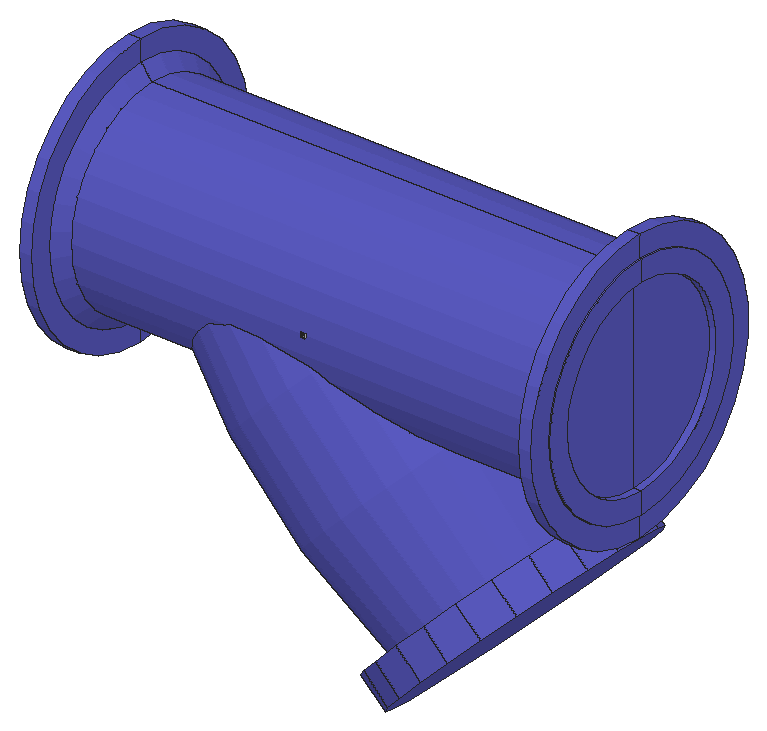
Revit family "HERZ Strainer 4111", category Rohrzubehör, Revit 2018
Family settings
  Bemaßung runder Anschluss = Durchmesser verwenden
  Teiletyp = Unterbricht
  OmniClass-Nummer = 23.65.55.14
  OmniClass-Titel = Valves for Liquid Services
  Arbeitsebenenbasiert = Nein
  Immer vertikal = Ja
  Beim Laden mit Abzugskörper schneiden = Nein
  Gemeinsam genutzt = Nein
Parameters
  Weight [instance] = size_lookup("4111_F_", "Gew", 0, Nennweite)  # 505
  Part number [instance] = size_lookup("4111_F_", "Artnr", 0, Nennweite)  # 4411190
  PN = 1600000.0 Pa  # constant formula
  kvs [instance] = if(Nennweite = 50.000 mm, 51, if(Nennweite = 65.000 mm, 70, if(Nennweite = 80.000 mm, 114, if(Nennweite = 100.000 mm, 197, if(Nennweite = 125.000 mm, 271, if(Nennweite = 150.000 mm, 349, if(Nennweite = 200.000 mm, 449, if(Nennweite = 250.000 mm, 994, if(Nennweite = 300.000 mm, 1566, if(Nennweite = 350.000 mm, 2461, 3645))))))))))  # 3645
  Reinforcing frame = "stainless steel"  # constant formula
  W02 = 45.00°  # constant formula
  W01 = 140.00°  # constant formula
  Plug sealing = "copper"  # constant formula
  Plug = "steel St37"  # constant formula
  URL = "www.herzvalves.com"
  Schrauben [instance] = if(Nennweite = 50.000 mm, "4x M16x60", if(Nennweite = 65.000 mm, "4x M16x60", if(Nennweite = 80.000 mm, "8x M16x65", if(Nennweite = 100.000 mm, "8x M16x65", if(Nennweite = 125.000 mm, "8x M16x70", if(Nennweite = 150.000 mm, "8x M20x70", if(Nennweite = 200.000 mm, "12x M20x75", if(Nennweite = 250.000 mm, "12x M24x85", if(Nennweite = 300.000 mm, "12x M24x85", if(Nennweite = 350.000 mm, "16x M24x90", "16x M27x100"))))))))))  # "16x M27x100"
  SCRNSEQ = "AWI;AWI_TYP=\"1011\";2"
  SCRNCODE = "05;15;02"  # constant formula
  S01 [instance] = 2 * FLD01  # 580.000 mm
  R02 [instance] = size_lookup("4111_F_", "R2", 1.000 mm, Nennweite)  # 221.000 mm
  R01 [instance] = size_lookup("4111_F_", "R1", 1.000 mm, Nennweite)  # 250.000 mm
  Nennweite [instance] = 400.000 mm
  Min. operating temperature = -10 °C  # constant formula
  Medium = "Heating water quality according ÖNORM H5195 or VDI-Standard 2035. The use of ethylene or propylene glycol in a mixing ratio 25-50% is allowed."
  Max. operating temperature = 120 °C  # constant formula
  L02 [instance] = size_lookup("4111_F_", "L2", 1.000 mm, Nennweite)  # 301.000 mm
  Hersteller = "HERZ Armaturen Ges.m.b.H."  # constant formula
  L01 [instance] = size_lookup("4111_F_", "L1", 1.000 mm, Nennweite)  # 550.000 mm
  H01 [instance] = size_lookup("4111_F_", "H1", 1.000 mm, Nennweite)  # 479.500 mm
  Filter (DN50-DN80) = "AISI 304, mesh size 600 μm"  # constant formula
  Filter (DN100-DN400) = "AISI 304, mesh size 1500 μm"  # constant formula
  FLL02 [instance] = size_lookup("4111_F_", "FLL2", 1.000 mm, Nennweite)  # 30.000 mm
  FLL01 [instance] = size_lookup("4111_F_", "FLL1", 1.000 mm, Nennweite)  # 4.000 mm
  FLD02 [instance] = size_lookup("4111_F_", "FLD2", 1.000 mm, Nennweite)  # 245.000 mm
  FLD01 [instance] = size_lookup("4111_F_", "FLD1", 1.000 mm, Nennweite)  # 290.000 mm
  Seal = "Klingerit"  # constant formula
  DN80 [instance] = Nennweite = 80.000 mm  # no
  DN65 [instance] = Nennweite = 65.000 mm  # no
  DN50 [instance] = Nennweite = 50.000 mm  # no
  DN400 [instance] = Nennweite = 400.000 mm  # yes
  DN350 [instance] = Nennweite = 350.000 mm  # no
  DN300 [instance] = Nennweite = 300.000 mm  # no
  DN250 [instance] = Nennweite = 250.000 mm  # no
  DN200 [instance] = Nennweite = 200.000 mm  # no
  DN150 [instance] = Nennweite = 150.000 mm  # no
  DN125 [instance] = Nennweite = 125.000 mm  # no
  DN100 [instance] = Nennweite = 100.000 mm  # no
  DN [instance] = Nennweite / 2  # 200.000 mm
  D01 [instance] = size_lookup("4111_F_", "D1", 1.000 mm, Nennweite)  # 216.000 mm
  Body = "GG25"  # constant formula
  Bonnet = "GG25"  # constant formula
  Application = "For hot and cold water systems for fluids excluding acid and flammable fluids."
Reference planes
  plane 1 "Mitte (Vorne/hinten)": y = 0
  plane 2: z = 0
  plane 3 "Mitte (Links/rechts)": x = 0
Forms (mm)
  Revolve 1, solid, material "Herz-Marineblau", detail levels fine
    sketch origin (0, 0, 0) x (1, 0, 0) y (0, 0, 1)
      loop
        line (-546, 245) -> (-550, 245) -> (-550, 200) -> (-533.79, 200) -> (-533.79, 0) -> (533.79, 0) -> (533.79, 200) -> (550, 200) -> (550, 245) -> (546, 245) -> (546, 290) -> (520, 290) -> (520, 234.5) -> (504.477, 216) -> (-495.666, 216) -> (-520, 245) -> (-520, 290) -> (-546, 290) -> (-546, 245)
      axis (-550, 0) -> (550, 0)
    angle from 0 to 360
  Revolve 2, solid, material "Herz-Marineblau", detail levels fine
    sketch origin (0, 0, 0) x (1, 0, 0) y (0, 0, 1)
      loop
        line (-230.5, 0) -> (-371.921, -141.421)
        arc (-371.921, -141.421) -> (-167.867, -415.168) -> (92.729, -635.771) r 1502.314
        line (92.729, -635.771) -> (249, -479.5) -> (-230.5, 0)
      axis (-230.5, 0) -> (249, -479.5)
    angle from 0 to 360
  Extrusion 3, solid, material "Herz-Marineblau", visible <- "DN50", detail levels fine
    sketch origin (12, 0, -74) x (0, 1, 0) y (0.707107, 0, 0.707107)
      loop
        arc (50, 40) -> (47.071, 47.071) -> (40, 50) r 10
        line (40, 50) -> (-40, 50)
        arc (-40, 50) -> (-47.071, 47.071) -> (-50, 40) r 10
        line (-50, 40) -> (-50, -40)
        arc (-50, -40) -> (-47.071, -47.071) -> (-40, -50) r 10
        line (-40, -50) -> (40, -50)
        arc (40, -50) -> (47.071, -47.071) -> (50, -40) r 10
        line (50, -40) -> (50, 40)
    from 30.5 to 0
  Extrusion 4, solid, material "Herz-Marineblau", visible <- "DN65", detail levels fine
    sketch origin (17, 0, -102.5) x (0, 1, 0) y (0.707107, 0, 0.707107)
      loop
        line (-60, 40) -> (-60, -40)
        arc (-60, -40) -> (-54.142, -54.142) -> (-40, -60) r 20
        line (-40, -60) -> (40, -60)
        arc (40, -60) -> (54.142, -54.142) -> (60, -40) r 20
        line (60, -40) -> (60, 40)
        arc (60, 40) -> (54.142, 54.142) -> (40, 60) r 20
        line (40, 60) -> (-40, 60)
        arc (-40, 60) -> (-54.142, 54.142) -> (-60, 40) r 20
    from 33 to 0
  Extrusion 5, solid, material "Herz-Marineblau", visible <- "DN80", detail levels fine
    sketch origin (44, 0, -118) x (0, 1, 0) y (0.707107, 0, 0.707107)
      loop
        line (-67, 47) -> (-67, -47)
        arc (-67, -47) -> (-61.142, -61.142) -> (-47, -67) r 20
        line (-47, -67) -> (47, -67)
        arc (47, -67) -> (61.142, -61.142) -> (67, -47) r 20
        line (67, -47) -> (67, 47)
        arc (67, 47) -> (61.142, 61.142) -> (47, 67) r 20
        line (47, 67) -> (-47, 67)
        arc (-47, 67) -> (-61.142, 61.142) -> (-67, 47) r 20
    from 34 to 0
  Extrusion 6, solid, material "Herz-Marineblau", visible <- "DN100", detail levels fine
    sketch origin (43, -449.258, -142) x (0, 1, 0) y (0.707107, 0, 0.707107)
      loop
        line (544.008, 0) -> (531.314, 47.375) -> (496.633, 82.056) -> (449.258, 94.75) -> (401.883, 82.056) -> (367.203, 47.375) -> (354.508, 0) -> (367.203, -47.375) -> (401.883, -82.056) -> (449.258, -94.75) -> (496.633, -82.056) -> (531.314, -47.375) -> (544.008, 0)
    from 35.5 to 0
  Extrusion 7, solid, material "Herz-Marineblau", visible <- "DN125", detail levels fine
    sketch origin (54, -422.813, -170) x (0, 1, 0) y (0.707107, 0, 0.707107)
      loop
        line (535.313, 0) -> (520.241, 56.25) -> (479.063, 97.428) -> (422.813, 112.5) -> (366.563, 97.428) -> (325.386, 56.25) -> (310.313, 0) -> (325.386, -56.25) -> (366.563, -97.428) -> (422.813, -112.5) -> (479.063, -97.428) -> (520.241, -56.25) -> (535.313, 0)
    from 44.5 to 0
  Extrusion 8, solid, material "Herz-Marineblau", visible <- "DN150", detail levels fine
    sketch origin (61.5, -490.074, -187.5) x (0, 1, 0) y (0.707107, 0, 0.707107)
      loop
        line (621.324, 0) -> (603.739, 65.625) -> (555.699, 113.666) -> (490.074, 131.25) -> (424.449, 113.666) -> (376.408, 65.625) -> (358.824, 0) -> (376.408, -65.625) -> (424.449, -113.666) -> (490.074, -131.25) -> (555.699, -113.666) -> (603.739, -65.625) -> (621.324, 0)
    from 44.7 to 0
  Extrusion 9, solid, material "Herz-Marineblau", visible <- "DN200", detail levels fine
    sketch origin (82, -429.19, -249) x (0, 1, 0) y (0.707107, 0, 0.707107)
      loop
        line (588.19, 0) -> (566.888, 79.5) -> (508.69, 137.698) -> (429.19, 159) -> (349.69, 137.698) -> (291.492, 79.5) -> (270.19, 0) -> (291.492, -79.5) -> (349.69, -137.698) -> (429.19, -159) -> (508.69, -137.698) -> (566.888, -79.5) -> (588.19, 0)
    from 47 to 0
  Extrusion 10, solid, material "Herz-Marineblau", visible <- "DN250", detail levels fine
    sketch origin (109.5, -496.545, -300) x (0, 1, 0) y (0.707107, 0, 0.707107)
      loop
        line (686.545, 0) -> (680.071, 49.176) -> (661.09, 95) -> (630.895, 134.35) -> (591.545, 164.545) -> (545.72, 183.526) -> (496.545, 190) -> (447.369, 183.526) -> (401.545, 164.545) -> (362.194, 134.35) -> (332, 95) -> (313.019, 49.176) -> (306.545, 0) -> (313.019, -49.176) -> (332, -95) -> (362.194, -134.35) -> (401.545, -164.545) -> (447.369, -183.526) -> (496.545, -190) -> (545.72, -183.526) -> (591.545, -164.545) -> (630.895, -134.35) -> (661.09, -95) -> (680.071, -49.176) -> (686.545, 0)
    from 56.5 to 0
  Extrusion 11, solid, material "Herz-Marineblau", visible <- "DN300", detail levels fine
    sketch origin (82, 617.078, -333) x (0, 1, 0) y (0.707107, 0, 0.707107)
      loop
        line (-390.078, 0) -> (-397.813, 58.752) -> (-420.49, 113.5) -> (-456.565, 160.513) -> (-503.578, 196.588) -> (-558.326, 219.265) -> (-617.078, 227) -> (-675.83, 219.265) -> (-730.578, 196.588) -> (-777.591, 160.513) -> (-813.666, 113.5) -> (-836.343, 58.752) -> (-844.078, 0) -> (-836.343, -58.752) -> (-813.666, -113.5) -> (-777.591, -160.513) -> (-730.578, -196.588) -> (-675.83, -219.265) -> (-617.078, -227) -> (-558.326, -219.265) -> (-503.578, -196.588) -> (-456.565, -160.513) -> (-420.49, -113.5) -> (-397.813, -58.752) -> (-390.078, 0)
    from 61 to 0
  Extrusion 12, solid, material "Herz-Marineblau", visible <- "DN350", detail levels fine
    sketch origin (211, 802.601, -476) x (0, 1, 0) y (0.707107, 0, 0.707107)
      loop
        line (-547.601, 0) -> (-556.29, 65.999) -> (-581.764, 127.5) -> (-622.288, 180.312) -> (-675.101, 220.836) -> (-736.602, 246.311) -> (-802.601, 255) -> (-868.6, 246.311) -> (-930.101, 220.836) -> (-982.913, 180.312) -> (-1023.437, 127.5) -> (-1048.912, 65.999) -> (-1057.601, 0) -> (-1048.912, -65.999) -> (-1023.437, -127.5) -> (-982.913, -180.312) -> (-930.101, -220.836) -> (-868.6, -246.311) -> (-802.601, -255) -> (-736.602, -246.311) -> (-675.101, -220.836) -> (-622.288, -180.312) -> (-581.764, -127.5) -> (-556.29, -65.999) -> (-547.601, 0)
    from 73 to 0
  Extrusion 13, solid, material "Herz-Marineblau", visible <- "DN400", detail levels fine
    sketch origin (249, 812.573, -479.5) x (0, 1, 0) y (0.707107, 0, 0.707107)
      loop
        line (-532.573, 0) -> (-542.114, 72.469) -> (-570.086, 140) -> (-614.583, 197.99) -> (-672.573, 242.487) -> (-740.104, 270.459) -> (-812.573, 280) -> (-885.042, 270.459) -> (-952.573, 242.487) -> (-1010.563, 197.99) -> (-1055.06, 140) -> (-1083.032, 72.469) -> (-1092.573, 0) -> (-1083.032, -72.469) -> (-1055.06, -140) -> (-1010.563, -197.99) -> (-952.573, -242.487) -> (-885.042, -270.459) -> (-812.573, -280) -> (-740.104, -270.459) -> (-672.573, -242.487) -> (-614.583, -197.99) -> (-570.086, -140) -> (-542.114, -72.469) -> (-532.573, 0)
    from 74 to 0
Lines and regions (mm)
  model lines, detail levels coarse+medium
    curve 1: line (-550, 0, 290) -> (550, 0, 290)
    curve 2: line (-550, 0, -290) -> (-550, 0, 290)
    curve 3: line (550, 0, -290) -> (-550, 0, -290)
    curve 4: line (550, 0, 290) -> (550, 0, -290)
    curve 5: line (550, 0, -290) -> (-550, 0, 290)
    curve 6: line (-550, 290, 0) -> (550, 290, 0)
    curve 7: line (-550, -290, 0) -> (-550, 290, 0)
    curve 8: line (550, -290, 0) -> (-550, -290, 0)
    curve 9: line (550, 290, 0) -> (550, -290, 0)
    curve 10: line (550, -290, 0) -> (-550, 290, 0)
Dimensions and locks
  "FLD01": Revolve 1 sketch curve to plane 2  (x2)
  "FLD02": Revolve 1 sketch curve to plane 2  (x3)
  "DN": Revolve 1 sketch curve to plane 2  (x2)
  "L01": Revolve 1 sketch curve to plane 3 "Mitte (Links/rechts)"  (x2)
  "FLL01": Revolve 1 sketch curve to Revolve 1 sketch curve  (x2)
  "FLL02": Revolve 1 sketch curve to Revolve 1 sketch curve  (x2)
  "D01": Revolve 1 sketch curve to plane 2  (x2)
  "H01": plane 2 to Revolve 2 sketch curve
  "L02": Revolve 2 sketch curve to Revolve 1
  "R02": Revolve 2 sketch curve to Revolve 2 sketch curve
  "DN": Revolve 2 sketch curve to Revolve 2 sketch curve
  "D01": nested 1 to plane 1 "Mitte (Vorne/hinten)"
  "L01": plane 3 "Mitte (Links/rechts)" to curve 2
  "L01": plane 3 "Mitte (Links/rechts)" to curve 4
  equal spacing: curve 5, plane 2, curve 3
  "S01": curve 1 to curve 3
  equal spacing: curve 8, plane 1 "Mitte (Vorne/hinten)", curve 6
  "S01": curve 8 to curve 6
  "L01": curve 7 to plane 3 "Mitte (Links/rechts)"
  "L01": plane 3 "Mitte (Links/rechts)" to curve 9
  "R01": Revolve 2 sketch curve to Revolve 2 sketch curve
  "W01": angle Revolve 1 sketch curve to Revolve 1 sketch curve  (x2)
  "W02": angle Revolve 2 sketch curve to plane 2
  aligned and locked: level to plane 2
Automatic sketch dimensions
  plane 1 "Mitte (Vorne/hinten)" to Extrusion 3 sketch curve = 50.000 mm
  Extrusion 3 sketch curve to Extrusion 3 sketch curve = 10.000 mm  (x3)
  Extrusion 3 sketch curve to plane 1 "Mitte (Vorne/hinten)" = 40.000 mm  (x2)
  Extrusion 3 sketch curve to Extrusion 3 sketch curve = 80.000 mm
  plane 1 "Mitte (Vorne/hinten)" to Extrusion 4 sketch curve = 60.000 mm
  Extrusion 4 sketch curve to Extrusion 4 sketch curve = 20.000 mm  (x3)
  Extrusion 4 sketch curve to plane 1 "Mitte (Vorne/hinten)" = 40.000 mm  (x2)
  Extrusion 4 sketch curve to Extrusion 4 sketch curve = 80.000 mm
  plane 1 "Mitte (Vorne/hinten)" to Extrusion 5 sketch curve = 67.000 mm
  Extrusion 5 sketch curve to Extrusion 5 sketch curve = 20.000 mm  (x3)
  Extrusion 5 sketch curve to plane 1 "Mitte (Vorne/hinten)" = 47.000 mm  (x2)
  Extrusion 5 sketch curve to Extrusion 5 sketch curve = 94.000 mm
  Extrusion 6 sketch curve to plane 1 "Mitte (Vorne/hinten)" = 0.000 mm  (x2)
  plane 1 "Mitte (Vorne/hinten)" to Extrusion 6 sketch curve = 47.375 mm  (x2)
  Extrusion 6 sketch curve to Extrusion 6 sketch curve = 34.681 mm  (x8)
  Extrusion 6 sketch curve to Extrusion 6 sketch curve = 12.694 mm  (x5)
  Extrusion 6 sketch curve to plane 1 "Mitte (Vorne/hinten)" = 47.375 mm  (x2)
  Extrusion 6 sketch curve to Extrusion 6 sketch curve = 47.375 mm  (x4)
  Extrusion 7 sketch curve to plane 1 "Mitte (Vorne/hinten)" = 0.000 mm  (x2)
  plane 1 "Mitte (Vorne/hinten)" to Extrusion 7 sketch curve = 56.250 mm  (x2)
  Extrusion 7 sketch curve to Extrusion 7 sketch curve = 41.178 mm  (x8)
  Extrusion 7 sketch curve to Extrusion 7 sketch curve = 15.072 mm  (x5)
  Extrusion 7 sketch curve to plane 1 "Mitte (Vorne/hinten)" = 56.250 mm  (x2)
  Extrusion 7 sketch curve to Extrusion 7 sketch curve = 56.250 mm  (x4)
  Extrusion 8 sketch curve to plane 1 "Mitte (Vorne/hinten)" = 0.000 mm  (x2)
  plane 1 "Mitte (Vorne/hinten)" to Extrusion 8 sketch curve = 65.625 mm  (x2)
  Extrusion 8 sketch curve to Extrusion 8 sketch curve = 48.041 mm  (x8)
  Extrusion 8 sketch curve to Extrusion 8 sketch curve = 17.584 mm  (x5)
  Extrusion 8 sketch curve to plane 1 "Mitte (Vorne/hinten)" = 65.625 mm  (x2)
  Extrusion 8 sketch curve to Extrusion 8 sketch curve = 65.625 mm  (x4)
  Extrusion 9 sketch curve to plane 1 "Mitte (Vorne/hinten)" = 0.000 mm  (x2)
  plane 1 "Mitte (Vorne/hinten)" to Extrusion 9 sketch curve = 79.500 mm  (x2)
  Extrusion 9 sketch curve to Extrusion 9 sketch curve = 58.198 mm  (x8)
  Extrusion 9 sketch curve to Extrusion 9 sketch curve = 21.302 mm  (x5)
  Extrusion 9 sketch curve to plane 1 "Mitte (Vorne/hinten)" = 79.500 mm  (x2)
  Extrusion 9 sketch curve to Extrusion 9 sketch curve = 79.500 mm  (x4)
  Extrusion 10 sketch curve to plane 1 "Mitte (Vorne/hinten)" = 0.000 mm  (x2)
  plane 1 "Mitte (Vorne/hinten)" to Extrusion 10 sketch curve = 49.176 mm  (x2)
  Extrusion 10 sketch curve to Extrusion 10 sketch curve = 45.824 mm  (x8)
  Extrusion 10 sketch curve to Extrusion 10 sketch curve = 39.350 mm  (x8)
  Extrusion 10 sketch curve to Extrusion 10 sketch curve = 30.195 mm  (x8)
  Extrusion 10 sketch curve to Extrusion 10 sketch curve = 18.981 mm  (x8)
  Extrusion 10 sketch curve to Extrusion 10 sketch curve = 6.474 mm  (x5)
  Extrusion 10 sketch curve to plane 1 "Mitte (Vorne/hinten)" = 49.176 mm  (x2)
  Extrusion 10 sketch curve to Extrusion 10 sketch curve = 49.176 mm  (x4)
  Extrusion 11 sketch curve to plane 1 "Mitte (Vorne/hinten)" = 0.000 mm  (x2)
  plane 1 "Mitte (Vorne/hinten)" to Extrusion 11 sketch curve = 58.752 mm  (x2)
  Extrusion 11 sketch curve to Extrusion 11 sketch curve = 54.748 mm  (x8)
  Extrusion 11 sketch curve to Extrusion 11 sketch curve = 47.013 mm  (x8)
  Extrusion 11 sketch curve to Extrusion 11 sketch curve = 36.075 mm  (x8)
  Extrusion 11 sketch curve to Extrusion 11 sketch curve = 22.677 mm  (x8)
  Extrusion 11 sketch curve to Extrusion 11 sketch curve = 7.735 mm  (x5)
  Extrusion 11 sketch curve to plane 1 "Mitte (Vorne/hinten)" = 58.752 mm  (x2)
  Extrusion 11 sketch curve to Extrusion 11 sketch curve = 58.752 mm  (x4)
  Extrusion 12 sketch curve to plane 1 "Mitte (Vorne/hinten)" = 0.000 mm  (x2)
  plane 1 "Mitte (Vorne/hinten)" to Extrusion 12 sketch curve = 65.999 mm  (x2)
  Extrusion 12 sketch curve to Extrusion 12 sketch curve = 61.501 mm  (x8)
  Extrusion 12 sketch curve to Extrusion 12 sketch curve = 52.812 mm  (x8)
  Extrusion 12 sketch curve to Extrusion 12 sketch curve = 40.524 mm  (x8)
  Extrusion 12 sketch curve to Extrusion 12 sketch curve = 25.475 mm  (x8)
  Extrusion 12 sketch curve to Extrusion 12 sketch curve = 8.689 mm  (x5)
  Extrusion 12 sketch curve to plane 1 "Mitte (Vorne/hinten)" = 65.999 mm  (x2)
  Extrusion 12 sketch curve to Extrusion 12 sketch curve = 65.999 mm  (x4)
  Extrusion 13 sketch curve to plane 1 "Mitte (Vorne/hinten)" = 0.000 mm  (x2)
  plane 1 "Mitte (Vorne/hinten)" to Extrusion 13 sketch curve = 72.469 mm  (x2)
  Extrusion 13 sketch curve to Extrusion 13 sketch curve = 67.531 mm  (x8)
  Extrusion 13 sketch curve to Extrusion 13 sketch curve = 57.990 mm  (x8)
  Extrusion 13 sketch curve to Extrusion 13 sketch curve = 44.497 mm  (x8)
  Extrusion 13 sketch curve to Extrusion 13 sketch curve = 27.972 mm  (x8)
  Extrusion 13 sketch curve to Extrusion 13 sketch curve = 9.541 mm  (x5)
  Extrusion 13 sketch curve to plane 1 "Mitte (Vorne/hinten)" = 72.469 mm  (x2)
  Extrusion 13 sketch curve to Extrusion 13 sketch curve = 72.469 mm  (x4)
  Revolve 1 sketch curve to level = 0.000 mm  (x2)
  Revolve 1 sketch curve to Revolve 1 sketch curve = 16.210 mm  (x2)
  Revolve 1 sketch curve to Revolve 1 sketch curve = 15.523 mm
  Revolve 1 sketch curve to Revolve 1 sketch curve = 1391.530 mm
  Revolve 1 sketch curve to Revolve 1 sketch curve = 1724.148 mm
  Revolve 2 sketch curve to level = 0.000 mm  (x2)
  Revolve 2 sketch curve to Revolve 2 sketch curve = 0.000 mm  (x3)
Nested families
  nested 1: "Herz-Logo-vorne" at (0, -216, 0) x (0, -1, 0) z (0, 0, 1), type "Herz-Logo-vorne", detail levels fine
Connectors
  piping at (-550, 0, 0), diameter 400, driven by "Nennweite"
    settings: on Revolve 1, index 1, connector inside diameter 609.6 mm, connector length 0.000 mm, flow factor 0, pipe flow 0.0 L/s, pressure drop 0.0 Pa, fitting loss kfactor 0, connector angle 0.00°, fixture units 0, engagement length 0.000 mm, angle of deflection 0.00°, flow configuration 0, flow direction 1, fitting loss method 0, system type 29, joint type 0, gender type 0, connector reference index -1, connector utility 0, adjustable connector no, is connector primary yes, connector description ""
  piping at (550, 0, 0), diameter 400, driven by "Nennweite"
    settings: on Revolve 1, index 2, connector inside diameter 609.6 mm, connector length 0.000 mm, flow factor 0, pipe flow 0.0 L/s, pressure drop 0.0 Pa, fitting loss kfactor 0, connector angle 0.00°, fixture units 0, engagement length 0.000 mm, angle of deflection 0.00°, flow configuration 0, flow direction 2, fitting loss method 0, system type 29, joint type 0, gender type 0, connector reference index -1, connector utility 0, adjustable connector no, is connector primary no, connector description ""
Definition of nested family "Herz-Logo-vorne"
  Reference planes
    plane 1 "Mitte (Vorne/hinten)": y = 0
    plane 2: z = 0
    plane 3 "Mitte (Links/rechts)": x = 0
  Forms (mm)
    Extrusion 1, solid
      sketch origin (0.732, -0.018, 0.017) x (0, -1, 0) y (0, 0, 1)
        loop
          line (-0.018, -4.517) -> (4.482, -4.517) -> (4.482, 4.483) -> (-4.518, 4.483) -> (-4.518, -4.517) -> (-0.018, -4.517)
        loop
          line (-0.05, -3.48) -> (3.482, -3.48) -> (3.482, 3.483) -> (-3.518, 3.483) -> (-3.518, -3.48) -> (-0.05, -3.48)
        loop
          arc (-0.018, 2.383) -> (-1.543, 3.287) -> (-3.067, 2.383) r 1.738
          arc (-3.067, 2.383) -> (-3.191, 1.899) -> (-3.067, 1.415) r 1.009
          line (-3.067, 1.415) -> (-0.018, -3.281) -> (3.032, 1.415)
          arc (3.032, 1.415) -> (3.156, 1.899) -> (3.032, 2.383) r 1.009
          arc (3.032, 2.383) -> (1.507, 3.287) -> (-0.018, 2.383) r 1.738
        loop
          arc (1.885, 1.272) -> (2.005, 1.675) -> (1.885, 2.079) r 0.74
          arc (1.885, 2.079) -> (1.265, 2.416) -> (0.644, 2.079) r 0.74
          line (0.644, 2.079) -> (-0.018, 0.97) -> (-0.679, 2.079)
          arc (-0.679, 2.079) -> (-1.3, 2.416) -> (-1.921, 2.079) r 0.74
          arc (-1.921, 2.079) -> (-2.04, 1.675) -> (-1.921, 1.272) r 0.74
          line (-1.921, 1.272) -> (-0.018, -1.658) -> (1.885, 1.272)
      from 0 to 1.5
  Dimensions and locks
    aligned and locked: level to plane 2
